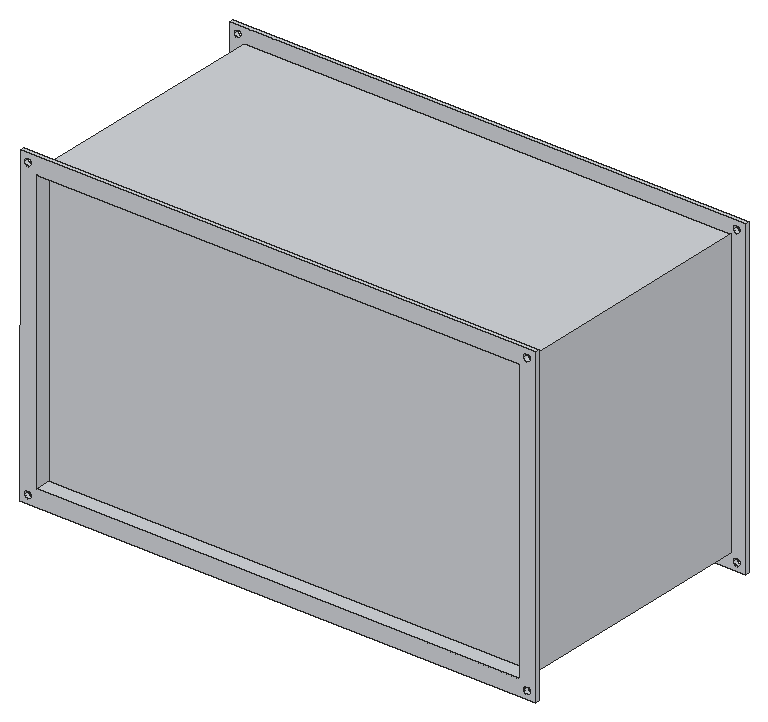
Revit family "12.Укороченный карманный воздушный фильтр для прямоугольных каналов FKU", category Оборудование, Revit 2016
Family settings
  Тип детали = Нормальный
  Размер круглого соединителя = Использовать диаметр
  На основе рабочей плоскости = Нет
  Всегда вертикально = Да
  При загрузке вырезать с полостями = Нет
  Общий = Нет
  Точка расчета площади = Нет
Parameters (values of type "60-35")
  ножки(да/нет) [instance] = no
  Ширина = А  # 600 mm
  Частотный преобразователь [instance] = no
  Частота вращения n, об/мин = ""
  Тип, марка, обозначение = "FKU 60-35"
  Теплопроизводительность, кВт = ""
  Сила тока J, А = ""
  Регулятор расхода [instance] = no
  Размер В = 620 mm
  Раздел = "ОВ"
  Примечание = ""
  Позиция = ""
  Отступ = 20 mm
  Напряжение U,В = ""
  Наименование и тех.хар-ка = "Укороченный карманный воздушный фильтр для прямоугольных каналов"  # constant formula
  Материал = Сталь серая
  Масса единицы = "8.4 кг"
  И = 330 mm
  Ж = 9 mm
  Код, оборудования = ""
  Ключевая пометка = "Вентиляция"
  Д = 640 mm
  Задание электрикам [instance] = no
  Задание автоматчикам [instance] = no
  Завод изготовитель = "KORF"  # constant formula
  Единица измерения = "шт."  # constant formula
  Г = 370 mm
  Е = 390 mm
  Высота = Б  # 350 mm
  Б = 350 mm
  А = 600 mm
  Глубина среза = 15 mm
Types (10, lengths in mm): name | Ширина | Тип, марка, обозначение | Размер В | Масса единицы | И | Ж | Д | Г | Е | Высота | Б | А
  30-15 | 300 | "FKU 30-15" | 320 | "4.5 кг" | 330 | 9 | 340 | 170 | 190 | 150 | 150 | 300
  40-20 | 400 | "FKU 40-20" | 420 | "5.4 кг" | 330 | 9 | 440 | 220 | 240 | 200 | 200 | 400
  50-25 | 500 | "FKU 50-25" | 520 | "6.6 кг" | 330 | 9 | 540 | 270 | 290 | 250 | 250 | 500
  50-30 | 500 | "FKU 50-30" | 520 | "7.2 кг" | 330 | 9 | 540 | 320 | 340 | 300 | 300 | 500
  60-30 | 600 | "FKU 60-30" | 620 | "8 кг" | 330 | 9 | 640 | 320 | 340 | 300 | 300 | 600
  60-35 | 600 | "FKU 60-35" | 620 | "8.4 кг" | 330 | 9 | 640 | 370 | 390 | 350 | 350 | 600
  70-40 | 700 | "FKU 70-40" | 720 | "9.6 кг" | 330 | 9 | 740 | 420 | 440 | 400 | 400 | 700
  80-50 | 800 | "FKU 80-50" | 820 | "13.4 кг" | 330 | 9 | 870 | 520 | 540 | 500 | 500 | 800
  90-50 | 900 | "FKU 90-50" | 930 | "15.2 кг" | 340 | 11 | 960 | 530 | 560 | 500 | 500 | 900
  100-50 | 1000 | "FKU 100-50" | 1030 | "15 кг" | 340 | 11 | 1060 | 530 | 560 | 500 | 500 | 1000
Reference planes
  plane 1 "По центру (Вперед/Назад)": y = 0
  plane 2: z = 0
  plane 3 "По центру (Влево/Вправо)": x = 0
  plane 4: x = -320
  plane 5: x = 320
  plane 6: z = 195
  plane 7: z = -195
  plane 8: x = -310
  plane 9: x = -300
  plane 10: x = 310
  plane 11: x = 300
  plane 12: z = 185
  plane 13: z = 175
  plane 14: z = -185
  plane 15: z = -175
  plane 16: y = 165
  plane 17: y = -165
  plane 18: y = -145
  plane 19: y = 145
Forms (mm)
  Extrusion 1, void, not visible
    sketch origin (-345, -245, 50) x (0, -1, 0) y (0, 0, -1)
      loop
        line (-477.965, -475) -> (-477.965, -450) -> (-528.913, -450) -> (-528.913, -475) -> (-477.965, -475)
    from -47.452 to 12
  Extrusion 2, solid, detail levels fine
    sketch origin (0, 0, 0) x (1, 0, 0) y (0, 0, 1)
      loop
        line (-320, 195) -> (-320, -195) -> (320, -195) -> (320, 195) -> (-320, 195)
    from -165 to 165
  Extrusion 3, void, detail levels fine
    sketch origin (0, 0, 0) x (1, 0, 0) y (0, 0, 1)
      loop
        circle (-310, 185) r 4.5
      loop
        circle (-310, -185) r 4.5
      loop
        circle (310, -185) r 4.5
      loop
        circle (310, 185) r 4.5
    from -165 to 165
  Sweep 4, void, detail levels fine
    path in 3D
      loop
        line (-320, -165, 195) -> (-320, -165, -195) -> (320, -165, -195) -> (320, -165, 195) -> (-320, -165, 195)
    profile origin (0, -165, 195) x (0, -1, 0) y (0, 0, 1)
      loop
        line (-5, 0) -> (-325.382, 0) -> (-325.382, -18) -> (-5, -18) -> (-5, 0)
  Extrusion 5, void
    sketch origin (0, 0, 0) x (1, 0, 0) y (0, 0, 1)
      loop
        line (-300, 175) -> (-300, -175) -> (300, -175) -> (300, 175) -> (-300, 175)
    from 165 to 145
  Extrusion 6, void
    sketch origin (0, 0, 0) x (1, 0, 0) y (0, 0, -1)
      loop
        line (-300, -175) -> (300, -175) -> (300, 175) -> (-300, 175) -> (-300, -175)
    from 145 to 165
Cuts and joins
  Extrusion 3, Sweep 4, Extrusion 5, Extrusion 6 cuts Extrusion 2
Lines and regions (mm)
  sketch lines
    curve 1: line (320, -165, 195) -> (-320, -165, 195)
    curve 2: line (320, -165, -195) -> (320, -165, 195)
    curve 3: line (-320, -165, -195) -> (320, -165, -195)
    curve 4: line (-320, -165, 195) -> (-320, -165, -195)
  model lines, detail levels coarse
    curve 5: line (-320, 165, 0) -> (320, 165, 0)
    curve 6: line (-320, -165, 0) -> (-320, 165, 0)
    curve 7: line (320, -165, 0) -> (-320, -165, 0)
    curve 8: line (320, 165, 0) -> (320, -165, 0)
    curve 9: line (-168.408, -56.853, 0) -> (-161.843, -56.853, 0)
    curve 10: line (-161.843, -56.853, 0) -> (-144.781, 82.104, 0)
    curve 11: line (-144.781, 82.104, 0) -> (-129.781, 82.104, 0)
    curve 12: line (-112.719, -56.853, 0) -> (-129.781, 82.104, 0)
    curve 13: line (-112.719, -56.853, 0) -> (-106.153, -56.853, 0)
    curve 14: line (-106.153, -56.853, 0) -> (-89.092, 82.104, 0)
    curve 15: line (-89.092, 82.104, 0) -> (-74.092, 82.104, 0)
    curve 16: line (-57.03, -56.853, 0) -> (-74.092, 82.104, 0)
    curve 17: line (-57.03, -56.853, 0) -> (-50.464, -56.853, 0)
    curve 18: line (-50.464, -56.853, 0) -> (-33.402, 82.104, 0)
    curve 19: line (-33.402, 82.104, 0) -> (-18.402, 82.104, 0)
    curve 20: line (-1.341, -56.853, 0) -> (-18.402, 82.104, 0)
    curve 21: line (-1.341, -56.853, 0) -> (5.225, -56.853, 0)
    curve 22: line (5.225, -56.853, 0) -> (22.287, 82.104, 0)
    curve 23: line (22.287, 82.104, 0) -> (37.287, 82.104, 0)
    curve 24: line (54.349, -56.853, 0) -> (37.287, 82.104, 0)
    curve 25: line (54.349, -56.853, 0) -> (60.914, -56.853, 0)
    curve 26: line (60.914, -56.853, 0) -> (77.976, 82.104, 0)
    curve 27: line (77.976, 82.104, 0) -> (92.976, 82.104, 0)
    curve 28: line (110.038, -56.853, 0) -> (92.976, 82.104, 0)
    curve 29: line (110.038, -56.853, 0) -> (116.604, -56.853, 0)
    curve 30: line (116.604, -56.853, 0) -> (133.665, 82.104, 0)
    curve 31: line (133.665, 82.104, 0) -> (148.665, 82.104, 0)
    curve 32: line (165.727, -56.853, 0) -> (148.665, 82.104, 0)
  model lines, not visible, detail levels coarse
    curve 33: line (-168.408, -56.853, 0) -> (-161.843, -56.853, 0)
    curve 34: line (-161.843, -56.853, 0) -> (-144.781, 82.104, 0)
    curve 35: line (-144.781, 82.104, 0) -> (-129.781, 82.104, 0)
    curve 36: line (-112.719, -56.853, 0) -> (-129.781, 82.104, 0)
    curve 37: line (-112.719, -56.853, 0) -> (-106.153, -56.853, 0)
    curve 38: line (-106.153, -56.853, 0) -> (-89.092, 82.104, 0)
    curve 39: line (-89.092, 82.104, 0) -> (-74.092, 82.104, 0)
    curve 40: line (-57.03, -56.853, 0) -> (-74.092, 82.104, 0)
    curve 41: line (-57.03, -56.853, 0) -> (-50.464, -56.853, 0)
    curve 42: line (-50.464, -56.853, 0) -> (-33.402, 82.104, 0)
    curve 43: line (-33.402, 82.104, 0) -> (-18.402, 82.104, 0)
    curve 44: line (-1.341, -56.853, 0) -> (-18.402, 82.104, 0)
    curve 45: line (-1.341, -56.853, 0) -> (5.225, -56.853, 0)
    curve 46: line (5.225, -56.853, 0) -> (22.287, 82.104, 0)
    curve 47: line (22.287, 82.104, 0) -> (37.287, 82.104, 0)
    curve 48: line (54.349, -56.853, 0) -> (37.287, 82.104, 0)
    curve 49: line (54.349, -56.853, 0) -> (60.914, -56.853, 0)
    curve 50: line (60.914, -56.853, 0) -> (77.976, 82.104, 0)
    curve 51: line (77.976, 82.104, 0) -> (92.976, 82.104, 0)
    curve 52: line (110.038, -56.853, 0) -> (92.976, 82.104, 0)
    curve 53: line (110.038, -56.853, 0) -> (116.604, -56.853, 0)
    curve 54: line (116.604, -56.853, 0) -> (133.665, 82.104, 0)
    curve 55: line (133.665, 82.104, 0) -> (148.665, 82.104, 0)
    curve 56: line (165.727, -56.853, 0) -> (148.665, 82.104, 0)
  model lines, detail levels medium
    curve 57: line (0, 165, 195) -> (0, -165, 195)
    curve 58: line (0, 165, -195) -> (0, 165, 195)
    curve 59: line (0, -165, -195) -> (0, 165, -195)
    curve 60: line (0, -165, 195) -> (0, -165, -195)
    curve 61: line (0, 66.82, 90.367) -> (0, 66.82, 85.367)
    curve 62: line (0, 66.82, 85.367) -> (0, -37.925, 78.043)
    curve 63: line (0, -37.925, 78.043) -> (0, -37.925, 68.043)
    curve 64: line (0, 66.82, 60.718) -> (0, -37.925, 68.043)
    curve 65: line (0, 66.82, 60.718) -> (0, 66.82, 55.718)
    curve 66: line (0, 66.82, 55.718) -> (0, -37.925, 48.394)
    curve 67: line (0, -37.925, 48.394) -> (0, -37.925, 38.394)
    curve 68: line (0, 66.82, 31.07) -> (0, -37.925, 38.394)
    curve 69: line (0, 66.82, 31.07) -> (0, 66.82, 26.07)
    curve 70: line (0, 66.82, 26.07) -> (0, -37.925, 18.745)
    curve 71: line (0, -37.925, 18.745) -> (0, -37.925, 8.745)
    curve 72: line (0, 66.82, 1.421) -> (0, -37.925, 8.745)
    curve 73: line (0, 66.82, 1.421) -> (0, 66.82, -3.579)
    curve 74: line (0, 66.82, -3.579) -> (0, -37.925, -10.904)
    curve 75: line (0, -37.925, -10.904) -> (0, -37.925, -20.904)
    curve 76: line (0, 66.82, -28.228) -> (0, -37.925, -20.904)
    curve 77: line (0, 66.82, -28.228) -> (0, 66.82, -33.228)
    curve 78: line (0, 66.82, -33.228) -> (0, -37.925, -40.553)
    curve 79: line (0, -37.925, -40.553) -> (0, -37.925, -50.553)
    curve 80: line (0, 66.82, -57.877) -> (0, -37.925, -50.553)
    curve 81: line (0, 66.82, -57.877) -> (0, 66.82, -62.877)
    curve 82: line (0, 66.82, -62.877) -> (0, -37.925, -70.201)
    curve 83: line (0, -37.925, -70.201) -> (0, -37.925, -80.201)
    curve 84: line (0, 66.82, -87.526) -> (0, -37.925, -80.201)
  model lines, not visible, detail levels medium
    curve 85: line (0, 66.82, 90.367) -> (0, 66.82, 85.367)
    curve 86: line (0, 66.82, 85.367) -> (0, -37.925, 78.043)
    curve 87: line (0, -37.925, 78.043) -> (0, -37.925, 68.043)
    curve 88: line (0, 66.82, 60.718) -> (0, -37.925, 68.043)
    curve 89: line (0, 66.82, 60.718) -> (0, 66.82, 55.718)
    curve 90: line (0, 66.82, 55.718) -> (0, -37.925, 48.394)
    curve 91: line (0, -37.925, 48.394) -> (0, -37.925, 38.394)
    curve 92: line (0, 66.82, 31.07) -> (0, -37.925, 38.394)
    curve 93: line (0, 66.82, 31.07) -> (0, 66.82, 26.07)
    curve 94: line (0, 66.82, 26.07) -> (0, -37.925, 18.745)
    curve 95: line (0, -37.925, 18.745) -> (0, -37.925, 8.745)
    curve 96: line (0, 66.82, 1.421) -> (0, -37.925, 8.745)
    curve 97: line (0, 66.82, 1.421) -> (0, 66.82, -3.579)
    curve 98: line (0, 66.82, -3.579) -> (0, -37.925, -10.904)
    curve 99: line (0, -37.925, -10.904) -> (0, -37.925, -20.904)
    curve 100: line (0, 66.82, -28.228) -> (0, -37.925, -20.904)
    curve 101: line (0, 66.82, -28.228) -> (0, 66.82, -33.228)
    curve 102: line (0, 66.82, -33.228) -> (0, -37.925, -40.553)
    curve 103: line (0, -37.925, -40.553) -> (0, -37.925, -50.553)
    curve 104: line (0, 66.82, -57.877) -> (0, -37.925, -50.553)
    curve 105: line (0, 66.82, -57.877) -> (0, 66.82, -62.877)
    curve 106: line (0, 66.82, -62.877) -> (0, -37.925, -70.201)
    curve 107: line (0, -37.925, -70.201) -> (0, -37.925, -80.201)
    curve 108: line (0, 66.82, -87.526) -> (0, -37.925, -80.201)
Dimensions and locks
  equal spacing: plane 6, level, plane 7
  "Е": plane 6 to plane 7
  equal spacing: plane 12, level, plane 14
  "Г": plane 12 to plane 14
  equal spacing: plane 13, level, plane 15
  "Б": plane 13 to plane 15
  equal spacing: plane 5, plane 3 "По центру (Влево/Вправо)", plane 4
  "Д": plane 5 to plane 4
  equal spacing: plane 10, plane 3 "По центру (Влево/Вправо)", plane 8
  "Размер В": plane 10 to plane 8
  equal spacing: plane 9, plane 3 "По центру (Влево/Вправо)", plane 11
  "А": plane 9 to plane 11
  equal spacing: plane 16, plane 1 "По центру (Вперед/Назад)", plane 17
  "И": plane 16 to plane 17
  locked: plane 17 to Sweep 4 sketch curve at 5
  locked: Sweep 4 sketch curve to plane 16 at 4.618
  plane 6 to Sweep 4 sketch curve = 18 mm
  "Отступ": plane 16 to plane 19
  "Отступ": plane 18 to plane 17
  "Ж": diameter of Extrusion 3 sketch curve  (x4)
  aligned and locked: level to plane 2
  aligned and locked: Extrusion 2 to plane 6
  aligned and locked: Extrusion 2 to plane 4
  aligned and locked: Extrusion 2 to plane 7
  aligned and locked: Extrusion 2 to plane 5
  aligned and locked: plane 16 to Extrusion 2
  aligned and locked: Extrusion 2 to plane 17
  aligned and locked: cut or joined group of Extrusion 2, Extrusion 3, Sweep 4, Extrusion 5, Extrusion 6 to plane 17  (x2)
  aligned and locked: plane 16 to cut or joined group of Extrusion 2, Extrusion 3, Sweep 4, Extrusion 5, Extrusion 6  (x2)
  aligned and locked: cut or joined group of Extrusion 2, Extrusion 3, Sweep 4, Extrusion 5, Extrusion 6 to plane 13
  aligned and locked: plane 9 to cut or joined group of Extrusion 2, Extrusion 3, Sweep 4, Extrusion 5, Extrusion 6  (x2)
  aligned and locked: cut or joined group of Extrusion 2, Extrusion 3, Sweep 4, Extrusion 5, Extrusion 6 to plane 15
  aligned and locked: cut or joined group of Extrusion 2, Extrusion 3, Sweep 4, Extrusion 5, Extrusion 6 to plane 11  (x2)
  aligned and locked: plane 18 to cut or joined group of Extrusion 2, Extrusion 3, Sweep 4, Extrusion 5, Extrusion 6
  aligned and locked: plane 19 to cut or joined group of Extrusion 2, Extrusion 3, Sweep 4, Extrusion 5, Extrusion 6
  aligned and locked: curve 5 to cut or joined group of Extrusion 2, Extrusion 3, Sweep 4, Extrusion 5, Extrusion 6
  aligned and locked: curve 6 to cut or joined group of Extrusion 2, Extrusion 3, Sweep 4, Extrusion 5, Extrusion 6
  aligned and locked: curve 7 to cut or joined group of Extrusion 2, Extrusion 3, Sweep 4, Extrusion 5, Extrusion 6
  aligned and locked: curve 8 to cut or joined group of Extrusion 2, Extrusion 3, Sweep 4, Extrusion 5, Extrusion 6
  aligned and locked: curve 57 to cut or joined group of Extrusion 2, Extrusion 3, Sweep 4, Extrusion 5, Extrusion 6
  aligned and locked: curve 58 to cut or joined group of Extrusion 2, Extrusion 3, Sweep 4, Extrusion 5, Extrusion 6
  aligned and locked: curve 59 to cut or joined group of Extrusion 2, Extrusion 3, Sweep 4, Extrusion 5, Extrusion 6
  aligned and locked: curve 60 to cut or joined group of Extrusion 2, Extrusion 3, Sweep 4, Extrusion 5, Extrusion 6
Automatic sketch dimensions
  Extrusion 2 sketch curve to plane 4 = 0 mm
  plane 5 to Extrusion 2 sketch curve = 0 mm
  Extrusion 2 sketch curve to plane 7 = 0 mm
  Extrusion 2 sketch curve to plane 6 = 0 mm
  Sweep 4 sketch curve to profile plane = 0 mm
  plane 9 to Extrusion 5 sketch curve = 0 mm
  plane 11 to Extrusion 5 sketch curve = 0 mm
  Extrusion 5 sketch curve to plane 15 = 0 mm
  Extrusion 5 sketch curve to plane 13 = 0 mm
  plane 9 to Extrusion 6 sketch curve = 0 mm
  plane 11 to Extrusion 6 sketch curve = 0 mm
  Extrusion 6 sketch curve to plane 13 = 0 mm
  Extrusion 6 sketch curve to plane 15 = 0 mm
  Extrusion 3 sketch curve to plane 8 = 0 mm  (x2)
  Extrusion 3 sketch curve to plane 10 = 0 mm  (x2)
  Extrusion 3 sketch curve to plane 14 = 0 mm  (x2)
  Extrusion 3 sketch curve to plane 12 = 0 mm  (x2)
Nested families
  nested 1: "крепление 15мм" at (-330, 229.965, 495), type "крепление 15мм", not visible
Connectors
  hvac at (0, -165, 0), driven by "Высота", driven by "Ширина"
    settings: on cut or joined group of Extrusion 2, Extrusion 3, Sweep 4, Extrusion 5, Extrusion 6, index 1, duct flow 0.0 L/s, flow factor 0, pres drop 0.0 Pa, loss coef 0, conn angle 0.00°, conn width 600 mm, conn height 350 mm, conn diameter 609.6 mm, duct sys type 28, conn prof type 1, flow config 0, flow direction 0, loss method 0, conn ref index 2, conn util no, is conn primary yes, conn desc ""
  hvac at (0, 165, 0), driven by "Высота", driven by "Ширина"
    settings: on cut or joined group of Extrusion 2, Extrusion 3, Sweep 4, Extrusion 5, Extrusion 6, index 2, duct flow 0.0 L/s, flow factor 0, pres drop 0.0 Pa, loss coef 0, conn angle 0.00°, conn width 600 mm, conn height 350 mm, conn diameter 609.6 mm, duct sys type 28, conn prof type 1, flow config 0, flow direction 0, loss method 0, conn ref index 1, conn util no, is conn primary no, conn desc ""
Definition of nested family "крепление 15мм"
  Parameters (values of type "крепление 15мм")
    Материал крепления = none
  Reference planes
    plane 1 "По центру (Вперед/Назад)": y = 0
    plane 2: z = 0
    plane 3 "По центру (Влево/Вправо)": x = 0
  Forms (mm)
    Extrusion 1, solid, material <- "Материал крепления"
      sketch origin (0, 0, 0) x (1, 0, 0) y (0, 1, 0)
        loop
          line (-25, 0) -> (0, 0) -> (0, 18.31) -> (0, 25) -> (-3, 25) -> (-3, 3) -> (-25, 3) -> (-25, 0)
      from 0 to 30
    Extrusion 2, void
      sketch origin (0, 0, 0) x (1, 0, 0) y (0, 1, 0)
        loop
          line (-3, 3) -> (-3, 54.96) -> (-58, 54.96) -> (-58, 3) -> (-3, 3)
      from 0 to 15
  Cuts and joins
    Extrusion 2 cuts Extrusion 1
  Dimensions and locks
    Extrusion 1 sketch curve to Extrusion 1 sketch curve = 3 mm  (x2)
    Extrusion 1 sketch curve to Extrusion 1 sketch curve to plane 3 "По центру (Влево/Вправо)" = 25 mm, 0 mm
    Extrusion 1 sketch curve to Extrusion 1 sketch curve = 25 mm
    aligned and locked: level to plane 2
